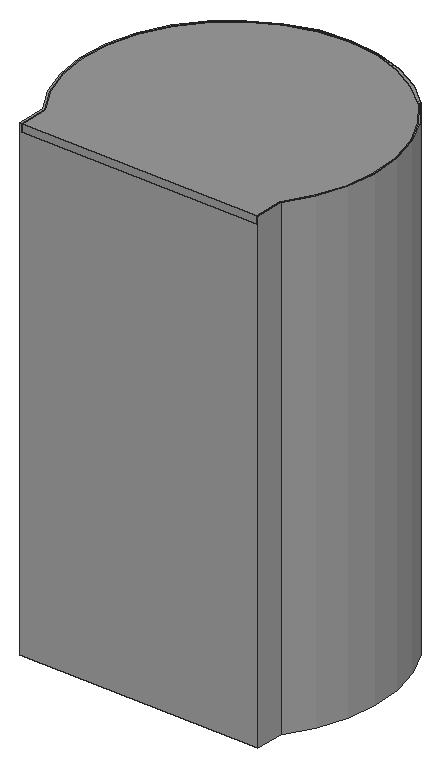
Revit family "3006 Björk Handdryer", category Furniture Systems, host Wall, Revit 2017
Family settings
  Host = Wall
  Round Connector Dimension = Use Diameter
  Part Type = Normal
  Always vertical = Yes
  Cut with Voids When Loaded = No
  Shared = No
  Room Calculation Point = No
Parameters (values of type "GEO WHITE")
  URL = "http://www.dandryer.com/en-gb/products/-handdryers/3006-bjork-hand-dryer--matt-black"
  Type Image = <None>
  Surface Top = GEO WHITE
  Surface Front = Mat Sort
  Model = "Björk-3006"
  Manufacturer = "Dan Dryer"
  Description = "Touch-free hand dryer"
  Cost = 0
Types (6, lengths in mm): name | URL | Surface Top
  BIRK | "http://www.dandryer.dk/da-dk/produkter/produktserie-%E2%80%93-bjork/3006-bjork-haandtoerrer--mat-sort" | BIRK
  GEO WHITE | "http://www.dandryer.com/en-gb/products/-handdryers/3006-bjork-hand-dryer--matt-black" | GEO WHITE
  GRIGIO LONDRA | "http://www.dandryer.dk/da-dk/produkter/produktserie-%E2%80%93-bjork/3006-bjork-haandtoerrer--mat-sort" | GRIGIO LONDRA
  NEGRO INGO | "http://www.dandryer.dk/da-dk/produkter/produktserie-%E2%80%93-bjork/3006-bjork-haandtoerrer--mat-sort" | NEGRO INGO
  OSLO | "http://www.dandryer.dk/da-dk/produkter/produktserie-%E2%80%93-bjork/3006-bjork-haandtoerrer--mat-sort" | OSLO
  BIANCO MALE | "http://www.dandryer.dk/da-dk/produkter/produktserie-%E2%80%93-bjork/3006-bjork-haandtoerrer--mat-sort" | BIANCO MALE
Reference planes
  plane 1 "Wall": y = 0
  plane 2 "Center (Left/Right)": x = 125
  plane 3 "Back": y = 75
Forms (mm)
  Extrusion 1, solid, material "Blank Hvid", not visible
    sketch origin (0, 0, 0) x (1, 0, 0) y (0, 1, 0)
      loop
        arc (42.212, 95.366) -> (42.426, 94.946) -> (42.5, 94.481) r 1.5
        line (42.5, 94.481) -> (42.5, 75.3) -> (43.7, 75.3) -> (43.7, 94.481)
        arc (43.7, 94.481) -> (43.567, 95.318) -> (43.181, 96.073) r 2.7
        arc (43.181, 96.073) -> (125, 257.1) -> (206.819, 96.073) r 101.3
        arc (206.819, 96.073) -> (206.433, 95.318) -> (206.3, 94.481) r 2.7
        line (206.3, 94.481) -> (206.3, 75.3) -> (207.5, 75.3) -> (207.5, 94.481)
        arc (207.5, 94.481) -> (207.574, 94.946) -> (207.788, 95.366) r 1.5
        arc (207.788, 95.366) -> (125, 258.3) -> (42.212, 95.366) r 102.5
    from 900 to 1230
  Extrusion 2, void, not visible
    sketch origin (207.5, 94.481, 0) x (0, 1, 0) y (0, 0, -1)
      loop
        line (-19.181, -1225) -> (-19.181, -1230) -> (6.154, -1230)
        arc (6.154, -1230) -> (3.068, -1228.36) -> (2.105, -1225) r 4.47
        line (2.105, -1225) -> (-19.181, -1225)
    from -10.952 to 170.161
  Extrusion 3, void, not visible
    sketch origin (207.5, 94.481, 2130) x (0, 1, 0) y (0, 0, -1)
      loop
        line (-19.181, 1225) -> (2.105, 1225)
        arc (2.105, 1225) -> (3.068, 1228.36) -> (6.154, 1230) r 4.47
        line (6.154, 1230) -> (-19.181, 1230) -> (-19.181, 1225)
    from -6 to 179.451
  Extrusion 4, solid, not visible
    sketch origin (207.5, 75.3, 907) x (0, 1, 0) y (-1, 0, 0)
      loop
        line (0, 163.8) -> (0, 1.2) -> (19.181, 1.2)
        arc (19.181, 1.2) -> (20.018, 1.067) -> (20.773, 0.681) r 2.7
        arc (20.773, 0.681) -> (181.8, 82.5) -> (20.773, 164.319) r 101.3
        arc (20.773, 164.319) -> (20.018, 163.933) -> (19.181, 163.8) r 2.7
        line (19.181, 163.8) -> (0, 163.8)
    from 0 to -2
  Extrusion 5, void, not visible
    sketch origin (206.3, 75.3, 0) x (-1, 0, 0) y (0, 0, 1)
      loop
        arc (83.312, 976) -> (81.303, 978.014) -> (79.288, 976) r 2.012
        line (79.288, 976) -> (79.285, 930)
        arc (79.285, 930) -> (81.297, 927.986) -> (83.312, 930) r 2.012
        line (83.312, 930) -> (83.312, 976)
    from 174.915 to 189.234
  Extrusion 6, solid, not visible
    sketch origin (206.3, 75.3, 0) x (1, 0, 0) y (0, 0, 1)
      loop
        line (-83.312, 975.984) -> (-83.312, 930)
        arc (-83.312, 930) -> (-81.291, 928.118) -> (-79.287, 930.016) r 2.015
        line (-79.287, 930.016) -> (-79.288, 976)
        arc (-79.288, 976) -> (-81.309, 977.882) -> (-83.312, 975.984) r 2.015
    from -182.98 to -174.915
  Extrusion 7, solid, material "Mat Sort", not visible
    sketch origin (0, 0, 0) x (1, 0, 0) y (0, 1, 0)
      loop
        arc (42.212, 95.366) -> (42.426, 94.946) -> (42.5, 94.481) r 1.5
        line (42.5, 94.481) -> (42.5, 75.3) -> (43.7, 75.3) -> (43.7, 94.481)
        arc (43.7, 94.481) -> (43.567, 95.318) -> (43.181, 96.073) r 2.7
        arc (43.181, 96.073) -> (125, 257.1) -> (206.819, 96.073) r 101.3
        arc (206.819, 96.073) -> (206.433, 95.318) -> (206.3, 94.481) r 2.7
        line (206.3, 94.481) -> (206.3, 75.3) -> (207.5, 75.3) -> (207.5, 94.481)
        arc (207.5, 94.481) -> (207.574, 94.946) -> (207.788, 95.366) r 1.5
        arc (207.788, 95.366) -> (125, 258.3) -> (42.212, 95.366) r 102.5
    from 900 to 1230
Text (mm)
  text "Placement Side" at (-1848.837, 1116.779, 0), in view "Ref. Level"
  text "Placement side" at (0, 1409.804, 2854.306), in view "Left"
  text "Placement side" at (0, 499.811, 2980.732), in view "Right"
Dimensions and locks
  locked: plane 3 "Back" to host wall
  aligned and locked: plane 1 "Wall" to host wall
  aligned and locked: plane 3 "Back" to nested 1  (x2)
Nested families
  nested 1: "Master Handdryer" at (125, 75, 1100), type "Master Handdryer"
Definition of nested family "Master Handdryer"
  Parameters (values of type "Master Handdryer")
    Surface Top = none
    Surface Front = none
  Reference planes
    plane 1 "Center (Front/Back)": y = 0
    plane 2: z = 0
    plane 3 "Center (Left/Right)": x = 0
  Forms (mm)
    Extrusion 1, solid, material <- "Surface Front"
      sketch origin (0, 0, 0) x (1, 0, 0) y (0, 1, 0)
        loop
          arc (82.5, 19.672) -> (0, 183) -> (-82.5, 19.672) r 102.5
          line (-82.5, 19.672) -> (-82.5, 0) -> (82.5, 0) -> (82.5, 19.672)
      from 0 to 330
    Extrusion 2, solid, material <- "Surface Top"
      sketch origin (0, 0, 330) x (1, 0, 0) y (0, 1, 0)
        loop
          arc (81.3, 20.068) -> (0, 181.8) -> (-81.3, 20.068) r 101.3
          line (-81.3, 20.068) -> (-81.3, 0) -> (81.3, 0) -> (81.3, 20.068)
      from 0 to -5
    Extrusion 3, void
      sketch origin (0, 0, 0) x (1, 0, 0) y (0, 1, 0)
        loop
          line (-81.3, 0) -> (81.3, 0) -> (81.3, 20.068)
          arc (81.3, 20.068) -> (0, 181.8) -> (-81.3, 20.068) r 101.3
          line (-81.3, 20.068) -> (-81.3, 0)
      from 325 to 330
  Cuts and joins
    Extrusion 3 cuts Extrusion 1
  Dimensions and locks
    aligned and locked: level to plane 2
